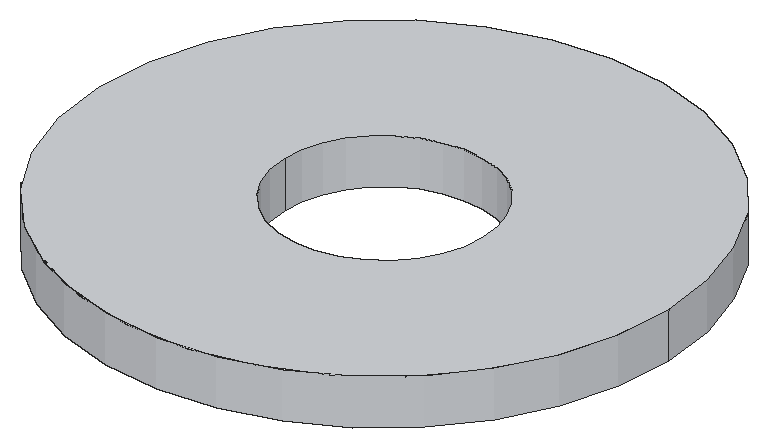
Revit family "Unterlegscheibe, fvz und zn", category HLS-Bauteile, Revit 2018
Family settings
  Bemaßung runder Anschluss = Durchmesser verwenden
  Teiletyp = Normal
  Arbeitsebenenbasiert = Ja
  Immer vertikal = Nein
  Beim Laden mit Abzugskörper schneiden = Nein
  Gemeinsam genutzt = Ja
  Raumberechnungspunkt = Nein
Parameters (values of type "Unterlegscheibe, verstärkt 13,0x37x3,0, fvz")
  Default Elevation = 1219.2 mm
  Regelhalter [instance] = ""
  Länge = 3 mm
  Kurztext2 = "fvz"
  Kurztext1 = "Unterlegscheibe"
  Gewicht pro Bauteil = Gewicht  # 0.0243 kg
  Gewicht = 0.0243 kg
  Fabrikat = "MEFA"
  EAN = "4250928457189"
  D0 = 13 mm
  D = 37 mm
  Artikelnummer = "4330277/fvz"
Types (3, lengths in mm): name | Kurztext2 | Gewicht pro Bauteil | Gewicht | EAN | D0 | D | Artikelnummer
  Unterlegscheibe, verstärkt 13,0x37x3,0, fvz | "fvz" | 0.0243 kg | 0.0243 kg | "4250928457189" | 13 | 37 | "4330277/fvz"
  Unterlegscheibe, verstärkt 17,0x50x3,0, fvz | "fvz" | 0.0447 kg | 0.0447 kg | "4250928457196" | 17 | 50 | "4330285/fvz"
  Unterlegscheibe, verstärkt 10,5x35x3,0, zn | "ZnNi" | 0.021 kg | 0.021 kg | "4250928457172" | 10.5 | 35 | "4351053/zn"
Reference planes
  plane 1 "Mitte (Vorne/hinten)": y = 0
  plane 2: z = 0
  plane 3 "Mitte (Links/rechts)": x = 0
  plane 4: z = 3
Forms (mm)
  Extrusion 1, solid
    sketch origin (0, 0, 0) x (1, 0, 0) y (0, 1, 0)
      loop
        circle (0, 0) r 18.5
    from 0 to 3
  Extrusion 2, void
    sketch origin (0, 0, 0) x (1, 0, 0) y (0, 1, 0)
      loop
        circle (0, 0) r 6.5
    from 0 to 3
Cuts and joins
  Extrusion 2 cuts Extrusion 1
Lines and regions (mm)
  model lines, not visible
    curve 1: line (0, 10.717, 0) -> (0, -9.283, 0)
    curve 2: line (6.799, 0, 0) -> (-13.201, 0, 0)
  model lines, style "GenericModel", not visible
    curve 3: line (0, 25, 0) -> (0, -25, 0)
    curve 4: line (25, 0, 0) -> (-25, 0, 0)
    curve 5: line (0, 0, -5.854) -> (0, 0, 9.146)
Dimensions and locks
  "Länge": level to plane 4
  "D": diameter of Extrusion 1 sketch curve
  "D0": diameter of Extrusion 2 sketch curve
  aligned and locked: level to plane 2
  aligned and locked: Extrusion 1 to level
  aligned and locked: plane 4 to Extrusion 1
  aligned and locked: curve 1 to level
  aligned and locked: curve 2 to level
  aligned and locked: Extrusion 1 to Extrusion 2
  aligned and locked: Extrusion 2 to level
Automatic sketch dimensions
  plane 1 "Mitte (Vorne/hinten)" to curve 1 = 9.283 mm
  curve 1 to plane 1 "Mitte (Vorne/hinten)" = 10.717 mm
  curve 3 to plane 3 "Mitte (Links/rechts)" = 0 mm
  plane 1 "Mitte (Vorne/hinten)" to curve 3 = 25 mm
  curve 3 to plane 1 "Mitte (Vorne/hinten)" = 25 mm
  plane 1 "Mitte (Vorne/hinten)" to curve 4 = 0 mm
  curve 4 to plane 3 "Mitte (Links/rechts)" = 25 mm
  plane 3 "Mitte (Links/rechts)" to curve 4 = 25 mm
  curve 5 to plane 3 "Mitte (Links/rechts)" = 0 mm
  plane 3 "Mitte (Links/rechts)" to curve 2 = 6.799 mm
  curve 5 to level = 5.854 mm
  plane 4 to curve 5 = 6.146 mm
  curve 2 to plane 3 "Mitte (Links/rechts)" = 13.201 mm
  plane 1 "Mitte (Vorne/hinten)" to Extrusion 1 sketch curve = 0 mm
  Extrusion 1 sketch curve to plane 3 "Mitte (Links/rechts)" = 0 mm
  plane 1 "Mitte (Vorne/hinten)" to Extrusion 2 sketch curve = 0 mm
  Extrusion 2 sketch curve to plane 3 "Mitte (Links/rechts)" = 0 mm
